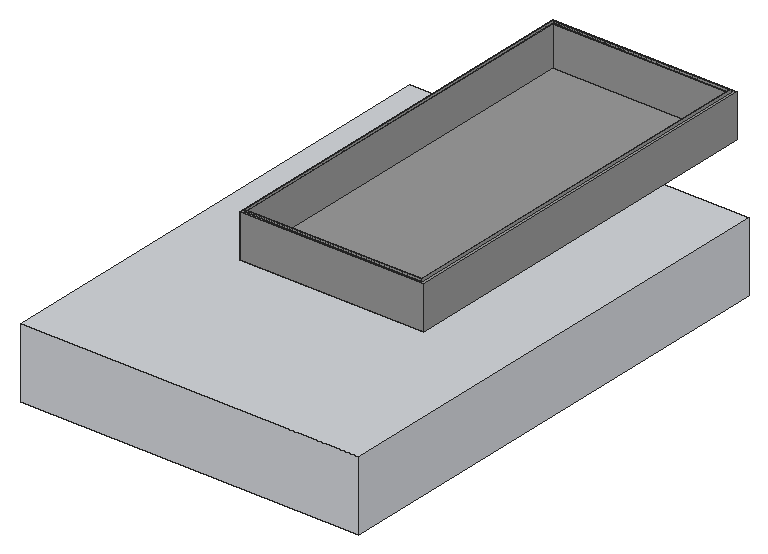
Revit family "Hager-Univers-IP30-D205-H1700-Cl.II-Encl-CH-de", category Equipement électrique, Revit 2020
Family settings
  Hôte = Face
  Configuration du panneau = Deux colonnes, circuits au sein
  Cote de connecteur circulaire = Utiliser le diamètre
  Type d'élément = Tableau de raccordement
  Couper avec des vides une fois chargée = Non
  Partagée = Non
  Point de calcul de pièce = Non
Parameters (values of type "Aufputz IP30 B800 H1700 T205  - FP13S1N")
  Width Control [instance] = if([EF000008 - Breite] > Min Width, [EF000008 - Breite], Min Width)  # 800 mm
  Commentaires du type = [HG000003 - Bereich]  # "Univers"
  Thickness Door [instance] = if([EF009171 - Materialstärke Tür/Deckel] > 3 mm, 3 mm, [EF009171 - Materialstärke Tür/Deckel])  # 1 mm
  Seal Frame Offset [instance] = 17 mm  # constant formula
  Plinth Visibility [instance] = [HG000027 - Sockelhöhe] > 0 mm  # no
  Model = ""
  Min Width [instance] = 100 mm  # constant formula
  Min Height [instance] = 100 mm  # constant formula
  Min Depth [instance] = (2 * [EF009170 - Materialstärke Gehäuse]) + 1 mm  # 3 mm
  Internal Frame Depth [instance] = (Door System Depth * 0.5)  # 9 mm
  Height Control [instance] = if([EF000040 - Höhe] > Min Height, [EF000040 - Höhe], Min Height)  # 1700 mm
  HG000027 - Sockelhöhe = 0 mm
  HG000026 - Stehend auf dem Boden = no
  HG000024 - Höhe des unteren Teils = 800 mm
  HG000023 - Gehäuse mit doppeltem Querschnitt = no
  HG000016 - 3D-Türsichtbarkeit [instance] = yes
  HG000015 - Sichtbarkeit der Türöffnung [instance] = no
  HG000014 - Tür rechts [instance] = yes
  HG000013 - Tür links [instance] = not([HG000014 - Tür rechts])  # no
  HG000012 - Türschwenkwinkel [instance] = 30.00°
  HG000010 - Asymmetrische Türen = no
  HG000009 - Doppelflügeligen Tür = no
  HG000006 - Unterputz = no
  HG000004 - Herstellerreferenz = "FP13S1N"
  HG000003 - Bereich = "Univers"
  HG000002 - Mit tür = no
  Frame Offset Bottom [instance] = 10 mm  # constant formula
  Frame Offset [instance] = 15 mm  # constant formula
  EF015940 - Deckel mit Überdruckentlastung = no
  EF011959 - Schutzart (NEMA) = ""
  EF009554 - Anzahl der Öffnungen für Flanschplatten = 6
  Fabricant = "Hager"  # constant formula
  EF009212 - Ausführung Deckel = "EV009916 - mit Ausschnitt"
  EF009171 - Materialstärke Tür/Deckel = 1 mm
  EF009170 - Materialstärke Gehäuse = 1 mm
  EF008873 - Nennstrom (In) = 400 A
  EF007800 - Geeignet für Blitzschutz = no
  EF006306 - Mit Schloss = no
  EF006244 - Transparenter Deckel/Tür = no
  EF005474 - Schutzart (IP) = "EV006410 - IP30"
  EF004464 - Art der Tür = "EV000494 - ohne"
  EF004427 - Anzahl der Module = 396
  EF004293 - Schlagfestigkeit = "EV006813 - IK07"
  EF003532 - Geeignet für Außengebrauch = no
  EF002950 - Breite in Teilungseinheiten = 36
  EF001613 - Funktionserhalt = "EV000494 - ohne"
  EF001596 - Werkstoff des Gehäuses = "EV000179 - Stahl"
  EF001131 - Innentiefe = 130 mm
  EF001088 - Anbaumöglichkeit = yes
  EF000437 - Anzahl der Leitungseinführungen = 6
  EF000339 - Art der Abdeckung = "EV000494 - ohne"
  EF000266 - Anzahl der Reihen = 11
  EF000218 - Einbautiefe = 205 mm
  EF000118 - Mit Montageplatte = no
  EF000116 - RAL-Nummer = "9010"
  EF000049 - Tiefe = 205 mm
  EF000040 - Höhe = 1700 mm
  EF000008 - Breite = 800 mm
  EF000007 - Farbe = "EV000202 - weiß"
  EF000003 - Montageart = "EV000384 - Aufputz"
  Door System Leaf Tolerance [instance] = 1.5 mm  # constant formula
  Door System Depth [instance] = 18 mm  # constant formula
  Door Height [instance] = Height Control - [HG000027 - Sockelhöhe]  # 1700 mm
  Depth Control [instance] = if([EF000049 - Tiefe] > Min Depth, [EF000049 - Tiefe], Min Depth)  # 205 mm
  Default Elevation = 0 mm
  Connector Offset [instance] = Height Control / 2  # 850 mm
  Bottom Top Plate Trim [instance] = 1.5 mm  # constant formula
  Plinth height Ctrl [instance] = if([HG000027 - Sockelhöhe] > 0 mm, [HG000027 - Sockelhöhe], 12 mm)  # 12 mm
Types (5, lengths in mm): name | Width Control | HG000004 - Herstellerreferenz | EF009554 - Anzahl der Öffnungen für Flanschplatten | EF008873 - Nennstrom (In) | EF004427 - Anzahl der Module | EF002950 - Breite in Teilungseinheiten | EF000437 - Anzahl der Leitungseinführungen | EF000008 - Breite
  Aufputz IP30 B1050 H1700 T205  - FP14S1N | 1050 | "FP14S1N" | 8 | 400 A | 528 | 48 | 8 | 1050
  Aufputz IP30 B1300 H1700 T205  - FP15S1N | 1300 | "FP15S1N" | 10 | 400 A | 660 | 60 | 10 | 1300
  Aufputz IP30 B300 H1700 T205  - FP11S1N | 300 | "FP11S1N" | 2 | 250 A | 132 | 12 | 2 | 300
  Aufputz IP30 B550 H1700 T205  - FP12S1N | 550 | "FP12S1N" | 4 | 250 A | 264 | 24 | 4 | 550
  Aufputz IP30 B800 H1700 T205  - FP13S1N | 800 | "FP13S1N" | 6 | 400 A | 396 | 36 | 6 | 800
Reference planes
  plane 1 "Center (Front/Back)": y = 0
  plane 2: z = 0
  plane 3 "Center (Left/Right)": x = 0
  plane 4: z = 205
  plane 5: y = 1
  plane 6: y = 850
  plane 7: y = 0
  plane 8: y = 1700
  plane 9: z = 0
  plane 10: x = -385
  plane 11: x = 385
  plane 12: x = 384
  plane 13: x = -384
  plane 14: y = 1699
  plane 15: x = -383
  plane 16: x = -400
  plane 17: x = 383
  plane 18: x = 400
  plane 19: x = 399
  plane 20: x = -399
  plane 21: y = 11
  plane 22: y = 1700
  plane 23: y = 1684
  plane 24: z = 187
  plane 25: z = 1
  plane 26: z = 186
  plane 27: z = 204
Forms (mm)
  Extrusion 1, solid
    sketch origin (0, 0, 0) x (1, 0, 0) y (0, 1, 0)
      loop
        line (-702.964, 1305) -> (-702.964, -811.445) -> (766.763, -811.445) -> (766.763, 1305) -> (-702.964, 1305)
    from 0 to -304.8
  Extrusion 2, solid, material "Hager_Steel_RAL7035_Light_Grey", visible <- "Plinth Visibility", detail levels medium+fine
    sketch origin (0, 0, 0) x (1, 0, 0) y (0, 1, 0)
      loop
        line (-400, 0) -> (400, 0) -> (400, 12) -> (-400, 12) -> (-400, 0)
    from 0 to 187
  Extrusion 3, solid, material "Hager_Steel_RAL7035_Light_Grey", detail levels medium+fine
    sketch origin (0, 0, 0) x (1, 0, 0) y (0, 1, 0)
      loop
        line (-400, 0) -> (400, 0) -> (400, 1700) -> (-400, 1700) -> (-400, 0)
    from 0 to 187
  Extrusion 4, void
    sketch origin (0, 0, 0) x (1, 0, 0) y (0, 1, 0)
      loop
        line (-399, 1) -> (399, 1) -> (399, 1699) -> (-399, 1699) -> (-399, 1)
    from 1 to 186
  Extrusion 5, void
    sketch origin (-381.607, -4572, 187) x (0, -1, 0) y (-1, 0, 0)
      loop
        line (-4583, 2.393) -> (-6256, 2.393) -> (-6256, -765.607) -> (-4583, -765.607) -> (-4583, 2.393)
    from 0 to 1 <- "EF009170 - Materialstärke Gehäuse"
  Extrusion 6, solid, material "Hager_Steel_RAL7035_Light_Grey", detail levels fine
    sketch origin (0, 0, 187) x (1, 0, 0) y (0, 1, 0)
      loop
        line (-384, 1684) -> (-384, 11) -> (384, 11) -> (384, 1684) -> (-384, 1684)
      loop
        line (-385, 10) -> (385, 10) -> (385, 1685) -> (-385, 1685) -> (-385, 10)
    from 0 to 9 <- "Internal Frame Depth"
  Extrusion 7, solid, material "Hager_Steel_RAL7035_Light_Grey", detail levels coarse
    sketch origin (0, 0, 0) x (1, 0, 0) y (0, 1, 0)
      loop
        line (-400, 0) -> (400, 0) -> (400, 1700) -> (-400, 1700) -> (-400, 0)
    from 0 to 205
  Sweep 8, void
    path in 3D
      loop
        line (-400, 12, 0) -> (400, 12, 0) -> (400, 12, 187) -> (-400, 12, 187) -> (-400, 12, 0)
    profile origin (-400, 12, 93.5) x (-1, 0, 0) y (0, -1, 0)
      loop
        line (0, 0) -> (0, 1.5) -> (-1.5, 1.5)
        arc (-1.5, 1.5) -> (-1.061, 0.439) -> (0, 0) r 1.5
Cuts and joins
  Extrusion 4, Extrusion 5 cuts Extrusion 3
  Sweep 8 cuts Extrusion 2
Lines and regions (mm)
  Masking region 1
    outline origin (0, 0, 0) x (1, 0, 0) y (0, 0, 1)
      loop
        line (-400, 205) -> (-400, 0) -> (400, 0) -> (400, 205) -> (-400, 205)
  Masking region 2, detail levels medium+fine
    outline origin (0, 140, 0) x (0, 1, 0) y (0, 0, 1)
      loop
        line (-140, 0) -> (1560, 0) -> (1560, 187) -> (-140, 187) -> (-140, 0)
  Masking region 3, not visible, detail levels medium+fine
    outline origin (0, 297.922, 0) x (0, 1, 0) y (0, 0, 1)
      loop
        line (563.578, 0) -> (603.578, 0) -> (603.578, 194)
        arc (603.578, 194) -> (600.649, 201.071) -> (593.578, 204) r 10
        line (593.578, 204) -> (563.578, 204) -> (563.578, 0)
  Masking region 4, detail levels coarse
    outline origin (0, 0, 180) x (0, 1, 0) y (0, 0, 1)
      loop
        line (0, -180) -> (1700, -180) -> (1700, 25) -> (0, 25) -> (0, -180)
  Masking region 5, visible <- "Plinth Visibility", detail levels medium+fine
    outline origin (0, 52.24, 12.345) x (0, 0, -1) y (0, 1, 0)
      loop
        line (10.845, -40.24) -> (-173.155, -40.24)
        arc (-173.155, -40.24) -> (-173.594, -41.301) -> (-174.655, -41.74) r 1.5
        line (-174.655, -41.74) -> (-174.655, -52.24) -> (12.345, -52.24) -> (12.345, -41.74)
        arc (12.345, -41.74) -> (11.285, -41.301) -> (10.845, -40.24) r 1.5
  Masking region 6, detail levels medium+fine
    outline origin (-381.607, -4572, 187) x (-1, 0, 0) y (0, -1, 0)
      loop
        line (18.393, -6272) -> (18.393, -4572) -> (-781.607, -4572) -> (-781.607, -6272) -> (18.393, -6272)
  Masking region 7, visible <- "Plinth Visibility", detail levels medium+fine
    outline origin (-381.607, -4727, 187) x (-1, 0, 0) y (0, -1, 0)
      loop
        arc (16.893, -4739) -> (17.332, -4737.939) -> (18.393, -4737.5) r 1.5
        line (18.393, -4737.5) -> (18.393, -4727) -> (-781.607, -4727) -> (-781.607, -4737.5)
        arc (-781.607, -4737.5) -> (-780.546, -4737.939) -> (-780.107, -4739) r 1.5
        line (-780.107, -4739) -> (16.893, -4739)
  Masking region 8, detail levels coarse
    outline origin (-442.548, -4669.526, 187) x (-1, 0, 0) y (0, -1, 0)
      loop
        line (-42.548, -6369.526) -> (-42.548, -4669.526) -> (-842.548, -4669.526) -> (-842.548, -6369.526) -> (-42.548, -6369.526)
  sketch lines
    curve 1: line (-400, 12, 187) -> (-400, 12, 0)
    curve 2: line (400, 12, 187) -> (-400, 12, 187)
    curve 3: line (400, 12, 187) -> (400, 12, 0)
    curve 4: line (-400, 12, 0) -> (400, 12, 0)
Dimensions and locks
  "Depth Control": plane 4 to Extrusion 1
  "HG000027 - Sockelhöhe": plane 1 "Center (Front/Back)" to plane 7
  "EF009170 - Materialstärke Gehäuse": plane 5 to plane 7
  locked: connector elem to plane 3 "Center (Left/Right)"
  equal spacing: plane 8, plane 6, plane 7
  locked: connector elem to plane 6
  "EF009170 - Materialstärke Gehäuse": plane 8 to plane 14
  "EF009170 - Materialstärke Gehäuse": plane 10 to plane 13
  "EF009170 - Materialstärke Gehäuse": plane 12 to plane 11
  "Frame Offset": plane 20 to plane 13
  "Frame Offset": plane 12 to plane 19
  "EF009170 - Materialstärke Gehäuse": plane 16 to plane 20
  "EF009170 - Materialstärke Gehäuse": plane 19 to plane 18
  "Seal Frame Offset": plane 16 to plane 15
  "Seal Frame Offset": plane 17 to plane 18
  "Frame Offset Bottom": plane 21 to plane 5
  "Frame Offset": plane 14 to plane 23
  equal spacing: plane 16, plane 3 "Center (Left/Right)", plane 18
  "Width Control": plane 16 to plane 18
  "EF009170 - Materialstärke Gehäuse": plane 4 to plane 27
  "EF009170 - Materialstärke Gehäuse": plane 24 to plane 26
  "EF009170 - Materialstärke Gehäuse": plane 25 to level
  "Door System Depth": plane 4 to plane 24
  "Height Control": plane 1 "Center (Front/Back)" to Extrusion 7 sketch curve
  "Height Control": Masking region 4 sketch curve to plane 1 "Center (Front/Back)"
  "Height Control": plane 1 "Center (Front/Back)" to plane 22
  "Bottom Top Plate Trim": profile plane to Sweep 8 sketch curve
  "Bottom Top Plate Trim": Sweep 8 sketch curve to profile plane
  "Plinth height Ctrl": plane 1 "Center (Front/Back)" to Extrusion 2 sketch curve
  "Plinth height Ctrl": Masking region 5 sketch curve to plane 1 "Center (Front/Back)"
  "Plinth height Ctrl": plane 1 "Center (Front/Back)" to Masking region 7 sketch curve
  "Thickness Door": Extrusion 6 sketch curve to Extrusion 6 sketch curve  (x3)
  "Thickness Door": cut or joined group of Extrusion 3, Extrusion 4, Extrusion 5 to Extrusion 6 sketch curve
  radius of Masking region 3 sketch curve = 10 mm
  "Bottom Top Plate Trim": radius of Masking region 5 sketch curve  (x2)
  "Bottom Top Plate Trim": radius of Sweep 8 sketch curve
  "Bottom Top Plate Trim": radius of Masking region 7 sketch curve  (x2)
  aligned and locked: plane 2 to Extrusion 1
  aligned and locked: level to Extrusion 1
  aligned and locked: level to Masking region 1 sketch curve
  aligned and locked: Masking region 1 sketch curve to plane 18
  aligned and locked: Masking region 1 sketch curve to plane 16
  aligned and locked: plane 7 to Masking region 2 sketch curve
  aligned and locked: level to Masking region 3 sketch curve
  aligned and locked: Masking region 3 sketch curve to plane 27
  aligned and locked: level to Masking region 2 sketch curve
  aligned and locked: plane 1 "Center (Front/Back)" to Extrusion 2 sketch curve
  aligned and locked: Extrusion 3 sketch curve to plane 7
  aligned and locked: plane 16 to Extrusion 3 sketch curve
  aligned and locked: plane 18 to Extrusion 3 sketch curve
  aligned and locked: plane 20 to Extrusion 4 sketch curve
  aligned and locked: plane 19 to Extrusion 4 sketch curve
  aligned and locked: Extrusion 4 sketch curve to plane 5
  aligned and locked: Extrusion 4 to plane 25
  aligned and locked: plane 26 to Extrusion 4
  aligned and locked: plane 24 to Extrusion 3
  aligned and locked: Extrusion 5 sketch curve to plane 21
  aligned and locked: Extrusion 5 sketch curve to plane 13
  aligned and locked: Extrusion 5 sketch curve to plane 12
  aligned and locked: plane 18 to Extrusion 7 sketch curve
  aligned and locked: plane 1 "Center (Front/Back)" to Extrusion 7 sketch curve
  aligned and locked: plane 16 to Extrusion 7 sketch curve
  aligned and locked: plane 4 to Extrusion 7
  aligned and locked: Extrusion 7 to level
  aligned and locked: level to Masking region 4 sketch curve
  aligned and locked: Masking region 4 sketch curve to plane 1 "Center (Front/Back)"
  aligned and locked: Masking region 4 sketch curve to plane 4
  aligned and locked: nested 1 to level
  aligned and locked: nested 1 to plane 16
  aligned and locked: plane 8 to Extrusion 3 sketch curve
  aligned and locked: plane 23 to Extrusion 5 sketch curve
  aligned and locked: plane 14 to Extrusion 4 sketch curve
  aligned and locked: Masking region 2 sketch curve to plane 8
  aligned and locked: level to Masking region 5 sketch curve
  aligned and locked: plane 16 to Extrusion 2 sketch curve
  aligned and locked: plane 18 to Extrusion 2 sketch curve
  aligned and locked: Masking region 5 sketch curve to plane 24
  aligned and locked: Masking region 2 sketch curve to plane 24
  aligned and locked: plane 24 to Extrusion 2
  aligned and locked: profile plane to Sweep 8 sketch curve  (x2)
  aligned and locked: Masking region 6 sketch curve to plane 18
  aligned and locked: Masking region 6 sketch curve to plane 22
  aligned and locked: Masking region 6 sketch curve to plane 16
  aligned and locked: plane 8 to plane 22
  aligned and locked: Masking region 6 sketch curve to plane 7
  aligned and locked: Masking region 7 sketch curve to plane 16
  aligned and locked: Masking region 7 sketch curve to plane 1 "Center (Front/Back)"
  aligned and locked: Masking region 7 sketch curve to plane 18
  aligned and locked: Masking region 8 sketch curve to plane 1 "Center (Front/Back)"
  aligned and locked: Masking region 8 sketch curve to plane 18
  aligned and locked: Masking region 8 sketch curve to plane 22
  aligned and locked: Masking region 8 sketch curve to plane 16
  aligned and locked: nested 2 to plane 7
  aligned and locked: plane 3 "Center (Left/Right)" to nested 2
  aligned and locked: nested 2 to plane 24
  aligned and locked: Extrusion 6 sketch curve to cut or joined group of Extrusion 3, Extrusion 4, Extrusion 5  (x4)
Automatic sketch dimensions
  Extrusion 1 sketch curve to Extrusion 1 sketch curve = 1469.727 mm
  Extrusion 1 sketch curve to Extrusion 1 sketch curve = 2116.445 mm
  Masking region 1 sketch curve to plane 4 = 0 mm
  plane 6 to Masking region 3 sketch curve = 11.5 mm
  Masking region 3 sketch curve to Masking region 3 sketch curve = 30 mm
  Masking region 5 sketch curve to plane 1 "Center (Front/Back)" = 0 mm
Nested families
  nested 1: "Hager_Enclosure_Symbol" at (-400, 0, 0) x (1, 0, 0) z (0, -1, 0), Height <- "Depth Control", Width <- "Width Control", type "Hager_Enclosure_Symbol"
    with Width_Ctrl 800 mm, Width 800 mm, Height_Ctrl 205 mm, Height 205 mm, A_Width_Int 13.453 mm, A_Width 161.438 mm, A_Height_Ctrl 179.375 mm, A_Height 179.375 mm
  nested 2: "EC000058_Univers_Door" at (0, 0, 187) x (1, 0, 0) z (0, 1, 0), Leaf_Tolerance <- "Door System Leaf Tolerance", Angle <- "HG000012 - Türschwenkwinkel", Door_Depth <- "Door System Depth", Door_Left <- "HG000013 - Tür links", Transparent <- "EF006244 - Transparenter Deckel/Tür", Assymetrical <- "HG000010 - Asymmetrische Türen", Width <- "Width Control", Clearance <- "HG000015 - Sichtbarkeit der Türöffnung", Double <- "HG000009 - Doppelflügeligen Tür", 3d_Door <- "HG000016 - 3D-Türsichtbarkeit", Lock_Visibility <- "EF006306 - Mit Schloss", Width_Ctrl <- "Width Control", Door_Right <- "HG000014 - Tür rechts", Door <- "HG000002 - Mit tür", Height <- "Door Height", Thickness <- "Thickness Door", type "EC000058_Univers_Door", detail levels medium+fine
    with min_wh 3 mm, Width_Ctrl 800 mm, Width 800 mm, Transparent no, Thickness 1 mm, Seal_Material Hager_Rubber, Lock_Visibility no, Lock_Material Hager_Plastic_RAL9005_Jet_Black, Leaf_Width 800 mm, Leaf_Tolerance_External_Sides 0 mm, Leaf_Tolerance 1.5 mm, Leaf_Offset 0 mm, Leaf_Height 1697 mm, Leaf_2_Width 800 mm, Leaf_2_Offset 400 mm, Leaf_1_Width 800 mm, Leaf_1_Offset 400 mm, Height_Ctrl 1700 mm, Height 1700 mm, Glass_Material Hager_Glass, Double_Clearance_Ctrl no, Double no, Door_Right_Ctrl no, Door_Right yes, Door_Material Hager_Steel_RAL7035_Light_Grey, Door_Left_Ctrl no, Door_Left no, Door_Depth 18 mm, Door no, Clearance_Material Hager_Clearance, Clearance_Depth 800 mm, Clearance_Ctrl no, Clearance no, Assymetrical no, Angle 30.00°, 3d_Door yes
Connectors
  electrical at (0, 850, 0)
    settings: on plane 9, index 1, voltage 0 V, apparent load 0 VA, apparent load phase1 0 VA, apparent load phase2 0 VA, apparent load phase3 0 VA, power factor 1, load classification "Other", number of poles 1, system type 30, power factor state 1, is connector primary yes, connector utility no, sub classification motor no, connector description ""
Definition of nested family "Hager_Enclosure_Symbol"
  Parameters (values of type "Hager_Enclosure_Symbol")
    Width_Ctrl [instance] = if(Width > 1 mm, Width, 1 mm)  # 102.27 mm
    Width [instance] = 102.27 mm
    Height_Ctrl [instance] = if(Height > 1 mm, Height, 1 mm)  # 66.5 mm
    A_Width_Int [instance] = if(A_Width / 12 > 2 mm, A_Width / 12, 2 mm)  # 4.364 mm
    A_Width [instance] = if(A_Height_Ctrl * 0.9 > 2 mm, A_Height_Ctrl * 0.9, 2 mm)  # 52.369 mm
    A_Height_Ctrl [instance] = if(A_Height > 2 mm, A_Height, 2 mm)  # 58.188 mm
    Height [instance] = 66.5 mm
    A_Height [instance] = Height - (Height / 8)  # 58.188 mm
  Reference planes
    plane 1 "Centre (avant/arrière)": y = 0
    plane 2: z = 0
    plane 3 "Centre (gauche/droite)": x = 0
    plane 4: x = 52.369
    plane 5: y = 33.042
    plane 6: y = 41.77
    plane 7: y = 66.5
    plane 8: x = 26.184
    plane 9: y = 37.406
    plane 10: x = 102.27
    plane 11: y = 66.5
    plane 12: y = 8.313
  Lines and regions (mm)
    Filled region 1, type "Solid_Black", in view "Niveau de réf."
      outline origin (0, 0, 0) x (1, 0, 0) y (0, 1, 0)
        loop
          line (52.369, 66.5) -> (33.188, 54.536) -> (45.365, 45.006) -> (52.369, 66.5)
    Filled region 2, type "Solid_Black", in view "Niveau de réf."
      outline origin (0, 0, 0) x (1, 0, 0) y (0, 1, 0)
        loop
          line (0, 0) -> (102.27, 0) -> (102.27, 66.5) -> (0, 0)
    detail lines, in view "Niveau de réf."
      curve 1: line (0, 8.313, 0) -> (26.184, 41.77, 0)
      curve 2: line (26.184, 41.77, 0) -> (26.184, 33.042, 0)
      curve 3: line (26.184, 33.042, 0) -> (52.369, 66.5, 0)
  Dimensions and locks
    "A_Width": plane 3 "Centre (gauche/droite)" to plane 4
    equal spacing: plane 3 "Centre (gauche/droite)", plane 8, plane 4
    equal spacing: plane 6, plane 9, plane 5
    equal spacing: curve 3, Filled region 1 sketch curve, Filled region 1 sketch curve
    "Height_Ctrl": plane 1 "Centre (avant/arrière)" to plane 11
    "A_Height_Ctrl": plane 11 to plane 12
    equal spacing: plane 11, plane 9, plane 12
    "A_Width_Int": plane 6 to plane 9
    "Width_Ctrl": plane 3 "Centre (gauche/droite)" to plane 10
    angle Filled region 1 sketch curve to curve 3 = 20.00°
    angle curve 3 to Filled region 1 sketch curve = 20.00°
    locked: curve 3 to Filled region 1 sketch curve (angle 90.00°)
    aligned and locked: plane 10 to Filled region 2
    aligned and locked: plane 11 to Filled region 2 sketch curve
    aligned and locked: plane 10 to Filled region 2 sketch curve
    aligned and locked: plane 3 "Centre (gauche/droite)" to curve 1
    aligned and locked: plane 12 to curve 1
    aligned and locked: plane 7 to plane 11
  Automatic sketch dimensions
    Filled region 1 sketch curve to plane 4 = 0 mm
    Filled region 1 sketch curve to plane 7 = 0 mm
    plane 1 "Centre (avant/arrière)" to Filled region 2 sketch curve = 0 mm
    Filled region 2 sketch curve to plane 3 "Centre (gauche/droite)" = 0 mm
    curve 2 to plane 6 = 0 mm
    curve 2 to plane 8 = 0 mm
    curve 3 to plane 4 = 0 mm
    curve 2 to plane 5 = 0 mm
    curve 3 to plane 7 = 0 mm
Definition of nested family "EC000058_Univers_Door"
  Parameters (values of type "EC000058_Univers_Door")
    min_wh [instance] = (2 * Thickness) + 1 mm  # 11 mm
    Width_Ctrl [instance] = 400 mm
    Width [instance] = 500 mm
    Transparent [instance] = yes
    Thickness [instance] = 5 mm
    Seal_Material [instance] = none
    Lock_Visibility [instance] = yes
    Lock_Material [instance] = none
    Leaf_Width [instance] = if((Width_Ctrl - 2 * Leaf_Tolerance_External_Sides) > 0 mm, (Width_Ctrl - 2 * Leaf_Tolerance_External_Sides), min_wh)  # 400 mm
    Leaf_Tolerance_External_Sides [instance] = 0 mm  # constant formula
    Leaf_Tolerance [instance] = 1.5 mm
    Leaf_Offset [instance] = 0 mm  # constant formula
    Leaf_Height [instance] = if((Height_Ctrl - 2 * Leaf_Tolerance) > 0 mm, (Height_Ctrl - 2 * Leaf_Tolerance), min_wh)  # 497 mm
    Leaf_2_Width [instance] = if(and(and(Double, Assymetrical), Door_Left), (Leaf_Width / 3) - (Leaf_Tolerance / 2), if(and(and(Double, Assymetrical), Door_Right), (Leaf_Width / 3) * 2 - (Leaf_Tolerance / 2), if(and(Double, not(Assymetrical)), (Leaf_Width / 2) - Leaf_Tolerance, Leaf_Width)))  # 400 mm
    Leaf_2_Offset [instance] = if(and(Double, Assymetrical), Leaf_2_Width / 2, if(and(Double, not(Assymetrical)), Leaf_Width / 4, Leaf_Width / 2))  # 200 mm
    Leaf_1_Width [instance] = if(and(and(Double, Assymetrical), Door_Right), (Leaf_Width / 3) - (Leaf_Tolerance / 2), if(and(and(Double, Assymetrical), Door_Left), (Width / 3) * 2 - (Leaf_Tolerance / 2), if(and(Double, not(Assymetrical)), (Leaf_Width / 2) - Leaf_Tolerance, Leaf_Width)))  # 400 mm
    Leaf_1_Offset [instance] = if(and(Double, Assymetrical), Leaf_1_Width / 2, if(and(Double, not(Assymetrical)), Leaf_Width / 4, Leaf_Width / 2))  # 200 mm
    Height_Ctrl [instance] = if(Height > min_wh, Height, min_wh)  # 500 mm
    Height [instance] = 500 mm
    Glass_Material [instance] = none
    Double_Clearance_Ctrl [instance] = and(Double, Clearance)  # no
    Double [instance] = no
    Door_Right_Ctrl [instance] = and(or(Door_Right, Double), Door)  # yes
    Door_Right [instance] = yes
    Door_Material [instance] = none
    Door_Left_Ctrl [instance] = and(or(Door_Left, Double), Door)  # no
    Door_Left [instance] = no
    Door_Depth [instance] = 30 mm
    Door [instance] = yes
    Default Elevation = 1219.2 mm
    Clearance_Material [instance] = none
    Clearance_Depth [instance] = if(Leaf_1_Width > Leaf_2_Width, Leaf_1_Width, Leaf_2_Width)  # 400 mm
    Clearance_Ctrl [instance] = and(not(Double), Clearance)  # yes
    Clearance [instance] = yes
    Assymetrical [instance] = yes
    Angle [instance] = 30.00°
    3d_Door [instance] = yes
  Reference planes
    plane 1 "Center (Front/Back)": y = 0
    plane 2 "Bottom": z = 0
    plane 3 "Center (Left/Right)": x = 0
    plane 4: z = 500
    plane 5: x = -200
    plane 6: x = 200
    plane 7: z = 500
    plane 8: x = -200
    plane 9: z = 0
    plane 10: x = 200
    plane 11: y = 0
    plane 12: z = 1.5
    plane 13: x = -600
    plane 14: y = -400
    plane 15: x = 600
    plane 16: x = 0
    plane 17: x = 0
    plane 18: x = -200
    plane 19: x = 200
    plane 20: z = 498.5
  Forms (mm)
    Extrusion 1, solid, material <- "Clearance_Material", visible <- "Double_Clearance_Ctrl"
      sketch origin (1200, 0, 0) x (1, 0, 0) y (0, 0, -1)
        loop
          line (-1800, -498.5) -> (-600, -498.5) -> (-600, 0) -> (-1800, 0) -> (-1800, -498.5)
      from 0 to -400
  Dimensions and locks
    equal spacing: plane 5, plane 3 "Center (Left/Right)", plane 6
    "Width_Ctrl": plane 5 to plane 6
    "Leaf_Offset": plane 5 to plane 8
    "Leaf_Offset": plane 6 to plane 10
    "Leaf_Offset": plane 9 to level
    "Leaf_Offset": plane 4 to plane 7
    "Height_Ctrl": plane 4 to level
    "Leaf_Tolerance": plane 12 to plane 9
    locked: plane 11 to plane 1 "Center (Front/Back)"
    "Leaf_1_Offset": plane 18 to plane 16
    "Leaf_2_Offset": plane 17 to plane 19
    "Leaf_1_Width": plane 13 to plane 8
    "Leaf_2_Width": plane 10 to plane 15
    "Clearance_Depth": plane 14 to plane 1 "Center (Front/Back)"
    "Leaf_Tolerance_External_Sides": plane 8 to plane 18
    "Leaf_Tolerance_External_Sides": plane 19 to plane 10
    "Leaf_Tolerance": plane 7 to plane 20
    aligned and locked: level to plane 2 "Bottom"
    aligned and locked: nested 1 to plane 16
    aligned and locked: nested 2 to plane 17
    aligned and locked: Extrusion 1 to plane 13
    aligned and locked: plane 15 to Extrusion 1
    aligned and locked: Extrusion 1 to plane 14
    aligned and locked: plane 12 to nested 1
    aligned and locked: nested 2 to plane 12
    aligned and locked: Extrusion 1 to plane 11
    aligned and locked: plane 20 to Extrusion 1
    aligned and locked: nested 2 to plane 11
    aligned and locked: nested 1 to plane 11
  Automatic sketch dimensions
    Extrusion 1 sketch curve to level = 0 mm
    plane 5 to Extrusion 1 sketch curve = 400 mm
    plane 6 to Extrusion 1 sketch curve = 400 mm
    Extrusion 1 sketch curve to plane 4 = 1.5 mm
  Nested families
    nested 1: "EC000058_Univers_Door_Leaf" at (0, 0, 1.5), Width <- "Leaf_1_Width", visible <- "Door_Left_Ctrl", Leaf_Height <- "Leaf_Height", Angle <- "Angle", 3d_Door <- "3d_Door", Transparent <- "Transparent", Clearance Material <- "Clearance_Material", Clearance <- "Clearance_Ctrl", Door_Material <- "Door_Material", Glass_Material <- "Glass_Material", Door_Depth <- "Door_Depth", Lock_Material <- "Lock_Material", Seal_Material <- "Seal_Material", Lock_Visibility <- "Lock_Visibility", Thickness <- "Thickness", type "EC000058_Univers_Door_Leaf"
      with Width 400 mm, Transparent_Glass_Offset 30 mm, Transparent_Ctrl yes, Transparent yes, Thickness 5 mm, Standard no, Seal_Material none, Seal_D2 8 mm, Seal_D1 1 mm, Offset_Internal_Frame 10 mm, Lock_Width 20 mm, Lock_Visibility_3d yes, Lock_Visibility yes, Lock_Thickness_3 3 mm, Lock_Thickness_2 1 mm, Lock_Thickness_1 3 mm, Lock_Radius_Offset_2 16 mm, Lock_Radius_Offset_1 15 mm, Lock_Radius_2 5 mm, Lock_Radius 6 mm, Lock_Offset 5 mm, Lock_Material none, Lock_Height 80 mm, Lock_Cover_Top_Offset_2d 17 mm, Lock_Cover_Height -65 mm, Leaf_Height 497 mm, Internal_Seal_Thickness 8 mm, Internal_Seal_Depth_2 4.5 mm, Internal_Frame_Depth 25 mm, Glass_Thickness -1 mm, Glass_Offset -2 mm, Glass_Material none, Door_Material none, Door_Depth 30 mm, Clearance Material none, Clearance yes, Angle_Ctrl 30.00°, Angle 30.00°, 3d_Door yes
    nested 2: "EC000058_Univers_Door_Leaf" at (0, 0, 1.5) x (-1, 0, 0) z (0, 0, 1), Width <- "Leaf_2_Width", visible <- "Door_Right_Ctrl", Leaf_Height <- "Leaf_Height", Angle <- "Angle", 3d_Door <- "3d_Door", Transparent <- "Transparent", Clearance Material <- "Clearance_Material", Clearance <- "Clearance_Ctrl", Door_Material <- "Door_Material", Glass_Material <- "Glass_Material", Door_Depth <- "Door_Depth", Lock_Material <- "Lock_Material", Seal_Material <- "Seal_Material", Lock_Visibility <- "Lock_Visibility", Thickness <- "Thickness", type "EC000058_Univers_Door_Leaf"
      with Width 400 mm, Transparent_Glass_Offset 30 mm, Transparent_Ctrl yes, Transparent yes, Thickness 5 mm, Standard no, Seal_Material none, Seal_D2 8 mm, Seal_D1 1 mm, Offset_Internal_Frame 10 mm, Lock_Width 20 mm, Lock_Visibility_3d yes, Lock_Visibility yes, Lock_Thickness_3 3 mm, Lock_Thickness_2 1 mm, Lock_Thickness_1 3 mm, Lock_Radius_Offset_2 16 mm, Lock_Radius_Offset_1 15 mm, Lock_Radius_2 5 mm, Lock_Radius 6 mm, Lock_Offset 5 mm, Lock_Material none, Lock_Height 80 mm, Lock_Cover_Top_Offset_2d 17 mm, Lock_Cover_Height -65 mm, Leaf_Height 497 mm, Internal_Seal_Thickness 8 mm, Internal_Seal_Depth_2 4.5 mm, Internal_Frame_Depth 25 mm, Glass_Thickness -1 mm, Glass_Offset -2 mm, Glass_Material none, Door_Material none, Door_Depth 30 mm, Clearance Material none, Clearance yes, Angle_Ctrl 30.00°, Angle 30.00°, 3d_Door yes
  Definition of nested family "EC000058_Univers_Door_Leaf"
    Parameters (values of type "EC000058_Univers_Door_Leaf")
      Width [instance] = 2000 mm
      Transparent_Glass_Offset [instance] = 30 mm
      Transparent_Ctrl [instance] = and(Transparent, [3d_Door])  # yes
      Transparent [instance] = yes
      Thickness [instance] = 5 mm
      Standard [instance] = and(not(Transparent), [3d_Door])  # no
      Seal_Material [instance] = none
      Seal_D2 [instance] = 8 mm  # constant formula
      Seal_D1 [instance] = 1 mm  # constant formula
      Offset_Internal_Frame [instance] = 10 mm  # constant formula
      Lock_Width [instance] = 20 mm  # constant formula
      Lock_Visibility_3d [instance] = and(Lock_Visibility, [3d_Door])  # yes
      Lock_Visibility [instance] = yes
      Lock_Thickness_3 [instance] = 3 mm  # constant formula
      Lock_Thickness_2 [instance] = 1 mm  # constant formula
      Lock_Thickness_1 [instance] = 3 mm  # constant formula
      Lock_Radius_Offset_2 [instance] = Lock_Radius_Offset_1 + 1 mm  # 16 mm
      Lock_Radius_Offset_1 [instance] = 15 mm  # constant formula
      Lock_Radius_2 [instance] = Lock_Radius - 1 mm  # 5 mm
      Lock_Radius [instance] = 6 mm  # constant formula
      Lock_Offset [instance] = 5 mm  # constant formula
      Lock_Material [instance] = none
      Lock_Height [instance] = 80 mm  # constant formula
      Lock_Cover_Top_Offset_2d [instance] = Lock_Radius_Offset_2 + 1 mm  # 17 mm
      Lock_Cover_Height [instance] = -(Lock_Height - Lock_Radius_Offset_1)  # -65 mm
      Leaf_Height [instance] = 2720.336 mm
      Internal_Seal_Thickness [instance] = 8 mm  # constant formula
      Internal_Seal_Depth_2 [instance] = 4.5 mm  # constant formula
      Internal_Frame_Depth [instance] = if(Door_Depth - Thickness > 5 mm, Door_Depth - Thickness, 5 mm)  # 25 mm
      Glass_Thickness [instance] = if(Thickness > 15 mm, Glass_Offset + 10 mm, -1 mm)  # -1 mm
      Glass_Offset [instance] = if(Thickness > 15 mm, -(Thickness + 10 mm) / 2, -2 mm)  # -2 mm
      Glass_Material [instance] = none
      Door_Material [instance] = none
      Door_Depth [instance] = 30 mm
      Default Elevation = 0 mm
      Clearance Material [instance] = none
      Clearance [instance] = yes
      Angle_Ctrl [instance] = if(Angle > 180.00°, 180.00°, Angle)  # 90.00°
      Angle [instance] = 90.00°
      3d_Door [instance] = yes
    Reference planes
      plane 1 "Center (Front/Back)": y = 0
      plane 2: z = 0
      plane 3 "Center (Left/Right)": x = 0
      plane 4: y = 2000
      plane 5: x = -1000
      plane 6: x = 1000
      plane 7: x = -3000
      plane 8: z = 2720.336
      plane 9: z = 30
      plane 10: z = 2690.336
      plane 11: x = 970
      plane 12: x = -970
      plane 13: y = -3
      plane 14: z = 107.833
      plane 15: y = -5
      plane 16: y = -223.314
      plane 17: x = -1000
      plane 18: z = 1360.168
      plane 19: y = 30
    Forms (mm)
      Extrusion 1, solid, material <- "Clearance Material", visible <- "Clearance"
        sketch origin (0, 0, 0) x (1, 0, 0) y (0, 0, 1)
          loop
            line (-3000, 2720.336) -> (-3000, 0) -> (1000, 0) -> (1000, 2720.336) -> (-3000, 2720.336)
        from 0 to -2000
      Extrusion 2, solid, material <- "Door_Material", visible <- "Standard", detail levels medium+fine
        sketch origin (-1000, 0, 0) x (0, 1, 0) y (-1, 0, 0)
          loop
            line (0, 30) -> (0, 25) -> (2000, 25) -> (2000, 30) -> (0, 30)
        from 0 to 2720.336 <- "Leaf_Height"
      Extrusion 3, solid, material <- "Door_Material", visible <- "Transparent_Ctrl", detail levels medium+fine
        sketch origin (-1000, 0, 0) x (0, 1, 0) y (-1, 0, 0)
          loop
            line (0, 25) -> (2000, 25) -> (2000, 30) -> (0, 30) -> (0, 25)
        from 0 to 2720.336 <- "Leaf_Height"
      Extrusion 4, void
        sketch origin (-1025, 2000, 0) x (0, 1, 0) y (0, 0, -1)
          loop
            line (-30, -2690.336) -> (-30, -30) -> (-1970, -30) -> (-1970, -2690.336) -> (-30, -2690.336)
        from 0 to 5 <- "Thickness"
      Sweep 5, solid, material <- "Seal_Material", visible <- "Transparent_Ctrl", detail levels fine
        path in 3D
          loop
            line (-1025, 30, 30) -> (-1025, 30, 2690.336) -> (-1025, 1970, 2690.336) -> (-1025, 1970, 30) -> (-1025, 30, 30)
        profile origin (-1025, 1000, 30) x (1, 0, 0) y (0, 0, 1)
          loop
            line (0, 0) -> (0, -8) -> (1, -8) -> (1, 0) -> (0, 0)
      Extrusion 6, solid, material <- "Glass_Material", visible <- "Transparent_Ctrl", detail levels medium+fine
        sketch origin (-1030, 0, 0) x (0, 1, 0) y (0, 0, -1)
          loop
            line (1970, -2690.336) -> (1970, -30) -> (30, -30) -> (30, -2690.336) -> (1970, -2690.336)
        from -2 <- "Glass_Offset" to -1 <- "Glass_Thickness"
      Extrusion 7, solid, material <- "Door_Material", visible <- "3d_Door", detail levels medium+fine
        sketch origin (-1025, 2000, 0) x (0, -1, 0) y (0, 0, -1)
          loop
            line (0, -2720.336) -> (2000, -2720.336) -> (2000, 0) -> (0, 0) -> (0, -2720.336)
          loop
            line (1995, -5) -> (5, -5) -> (5, -2715.336) -> (1995, -2715.336) -> (1995, -5)
        from 0 to 25 <- "Internal_Frame_Depth"
      Sweep 8, solid, material <- "Seal_Material", visible <- "Transparent_Ctrl", detail levels fine
        path in 3D
          loop
            line (-1025, 0, 0) -> (-1025, 2000, 0) -> (-1025, 2000, 2720.336) -> (-1025, 0, 2720.336) -> (-1025, 0, 0)
        profile origin (-1025, 0, 1360.168) x (1, 0, 0) y (0, 1, 0)
          loop
            line (0, 10) -> (2.975, 10)
            arc (2.975, 10) -> (4.053, 10.447) -> (4.5, 11.525) r 1.525
            line (4.5, 11.525) -> (4.5, 16.527)
            arc (4.5, 16.527) -> (4.069, 17.569) -> (3.027, 18) r 1.473
            line (3.027, 18) -> (0, 18) -> (0, 10)
      Extrusion 9, solid, material <- "Lock_Material", visible <- "Lock_Visibility_3d", detail levels fine
        sketch origin (-1030, 0, 0) x (0, 1, 0) y (0, 0, -1)
          loop
            arc (1993.5, -1400.168) -> (1994.561, -1399.729) -> (1995, -1398.668) r 1.5
            line (1995, -1398.668) -> (1995, -1320.168) -> (1975, -1320.168) -> (1975, -1398.668)
            arc (1975, -1398.668) -> (1975.439, -1399.729) -> (1976.5, -1400.168) r 1.5
            line (1976.5, -1400.168) -> (1993.5, -1400.168)
        from 3 <- "Lock_Thickness_1" to 0
      Blend 10, solid, material <- "Lock_Material", visible <- "Lock_Visibility_3d", detail levels fine
        base sketch origin (-1033, 0, 0) x (0, 1, 0) y (0, 0, -1)
          loop
            line (1975, -1320.168) -> (1975, -1398.668)
            arc (1975, -1398.668) -> (1975.439, -1399.729) -> (1976.5, -1400.168) r 1.5
            line (1976.5, -1400.168) -> (1993.5, -1400.168)
            arc (1993.5, -1400.168) -> (1994.561, -1399.729) -> (1995, -1398.668) r 1.5
            line (1995, -1398.668) -> (1995, -1320.168) -> (1975, -1320.168)
        top sketch origin (-1033, 0, 0) x (0, 1, 0) y (0, 0, -1)
          loop
            line (1976, -1320.168) -> (1976, -1398.668)
            arc (1976, -1398.668) -> (1976.146, -1399.022) -> (1976.5, -1399.168) r 0.5
            line (1976.5, -1399.168) -> (1993.5, -1399.168)
            arc (1993.5, -1399.168) -> (1993.854, -1399.022) -> (1994, -1398.668) r 0.5
            line (1994, -1398.668) -> (1994, -1320.168) -> (1976, -1320.168)
        from 0 to 1 <- "Lock_Thickness_2"
      Blend 11, solid, material <- "Lock_Material", visible <- "Lock_Visibility_3d", detail levels fine
        base sketch origin (-1034, 0, 0) x (0, 1, 0) y (0, 0, -1)
          loop
            line (1978, -1320.168) -> (1978, -1384.168)
            arc (1978, -1384.168) -> (1985, -1391.168) -> (1992, -1384.168) r 7
            line (1992, -1384.168) -> (1992, -1320.168) -> (1978, -1320.168)
        top sketch origin (-1034, 0, 0) x (0, 1, 0) y (0, 0, -1)
          loop
            line (1991, -1320.168) -> (1979, -1320.168) -> (1979, -1383.168)
            arc (1979, -1383.168) -> (1985, -1389.168) -> (1991, -1383.168) r 6
            line (1991, -1383.168) -> (1991, -1320.168)
        from 0 to 3 <- "Lock_Thickness_3"
      Extrusion 12, solid, material <- "Lock_Material", visible <- "Lock_Visibility_3d", detail levels fine
        sketch origin (-1030, 1975, 1320.168) x (1, 0, 0) y (0, -1, 0)
          loop
            line (-7, -19) -> (-7, -1) -> (0, -1) -> (0, 0) -> (-8, 0) -> (-8, -20) -> (0, -20) -> (0, -19) -> (-7, -19)
        from 0 to -65 <- "Lock_Cover_Height"
      Extrusion 13, void
        sketch origin (-1038, 1995, 1320.168) x (-1, 0, 0) y (0, 0, -1)
          loop
            line (-5, -65) -> (0, -65) -> (-5, -60) -> (-5, -65)
        from 0 to 20 <- "Lock_Width"
      Extrusion 14, void
        sketch origin (-1038, 1975, 1320.168) x (0, -1, 0) y (0, 0, -1)
          loop
            circle (-10, -15.995) r 6
          loop
            circle (-10, -15.995) r 5
        from 0 to 2
      Extrusion 15, solid, material <- "Lock_Material", visible <- "Lock_Visibility_3d", detail levels medium
        sketch origin (-1030, 0, 0) x (0, 1, 0) y (0, 0, -1)
          loop
            arc (1993.5, -1400.168) -> (1994.561, -1399.729) -> (1995, -1398.668) r 1.5
            line (1995, -1398.668) -> (1995, -1320.168) -> (1975, -1320.168) -> (1975, -1398.668)
            arc (1975, -1398.668) -> (1975.439, -1399.729) -> (1976.5, -1400.168) r 1.5
            line (1976.5, -1400.168) -> (1993.5, -1400.168)
        from 8 to 0
    Cuts and joins
      Extrusion 4 cuts Extrusion 3
      Extrusion 13, Extrusion 14 cuts Extrusion 9
      Extrusion 14 cuts Blend 11
      Extrusion 13, Extrusion 14 cuts Extrusion 12
      joined: Extrusion 9, Blend 10, Blend 11, Extrusion 12
      Extrusion 14 cuts Extrusion 15
    Lines and regions (mm)
      Masking region 1, visible <- "Lock_Visibility", detail levels fine
        outline origin (0, 0, 0) x (0, 1, 0) y (0, 0, 1)
          loop
            line (30, 1320.168) -> (33, 1320.168) -> (33, 1400.168) -> (30, 1400.168) -> (30, 1320.168)
      Masking region 2, visible <- "Lock_Visibility", detail levels fine
        outline origin (0, 3.143, 0) x (0, 1, 0) y (0, 0, 1)
          loop
            line (29.857, 1354.168) -> (30.857, 1354.168) -> (30.857, 1366.168) -> (29.857, 1366.168) -> (29.857, 1354.168)
      Masking region 3, detail levels medium+fine
        outline origin (0, 0, 0) x (0, 1, 0) y (0, 0, 1)
          loop
            line (0, 0) -> (30, 0) -> (30, 2720.336) -> (0, 2720.336) -> (0, 0)
      Masking region 4, detail levels medium+fine
        outline origin (0, 0, 0) x (1, 0, 0) y (0, 0, 1)
          loop
            line (-1000, 2720.336) -> (-1000, 0) -> (1000, 0) -> (1000, 2720.336) -> (-1000, 2720.336)
      Masking region 5, visible <- "Lock_Visibility", detail levels fine
        outline origin (-47.116, 0, 0) x (1, 0, 0) y (0, 0, 1)
          loop
            arc (1024.616, 1399.168) -> (1023.556, 1398.729) -> (1023.116, 1397.668) r 1.5
            line (1023.116, 1397.668) -> (1023.116, 1320.168) -> (1041.116, 1320.168) -> (1041.116, 1397.668)
            arc (1041.116, 1397.668) -> (1040.677, 1398.729) -> (1039.616, 1399.168) r 1.5
            line (1039.616, 1399.168) -> (1024.616, 1399.168)
      Masking region 6, visible <- "Lock_Visibility", detail levels medium+fine
        outline origin (-25, 0, 0) x (1, 0, 0) y (0, 0, 1)
          loop
            arc (1001.5, 1400.168) -> (1000.439, 1399.729) -> (1000, 1398.668) r 1.5
            line (1000, 1398.668) -> (1000, 1320.168) -> (1020, 1320.168) -> (1020, 1398.668)
            arc (1020, 1398.668) -> (1019.561, 1399.729) -> (1018.5, 1400.168) r 1.5
            line (1018.5, 1400.168) -> (1001.5, 1400.168)
      Masking region 7, visible <- "Lock_Visibility", detail levels fine
        outline origin (-73.735, 0, 0) x (1, 0, 0) y (0, 0, 1)
          loop
            line (1051.735, 1382.168) -> (1065.735, 1382.168) -> (1065.735, 1384.168)
            arc (1065.735, 1384.168) -> (1058.735, 1391.168) -> (1051.735, 1384.168) r 7
            line (1051.735, 1384.168) -> (1051.735, 1382.168)
      Masking region 8, visible <- "Lock_Visibility", detail levels fine
        outline origin (-73.735, 0, 0) x (1, 0, 0) y (0, 0, 1)
          loop
            line (1052.735, 1382.168) -> (1064.735, 1382.168) -> (1064.735, 1383.168)
            arc (1064.735, 1383.168) -> (1058.735, 1389.168) -> (1052.735, 1383.168) r 6
            line (1052.735, 1383.168) -> (1052.735, 1382.168)
      Masking region 9, visible <- "Lock_Visibility", detail levels fine
        outline origin (-25, 0, 0) x (1, 0, 0) y (0, 0, 1)
          loop
            line (1020, 1320.168) -> (1020, 1382.168) -> (1000, 1382.168) -> (1000, 1320.168) -> (1020, 1320.168)
      Masking region 10, detail levels medium+fine
        outline origin (0, 0, 0) x (1, 0, 0) y (0, 0, 1)
          loop
            circle (985, 1335.144) r 6
      Masking region 11, detail levels fine
        outline origin (0, 0, 0) x (1, 0, 0) y (0, 0, 1)
          loop
            circle (985, 1335.144) r 5
      Masking region 12, visible <- "Lock_Visibility", detail levels fine
        outline origin (0, 12.767, 0) x (0, 1, 0) y (0, 0, 1)
          loop
            line (20.233, 1320.168) -> (21.233, 1320.168) -> (21.233, 1399.168) -> (20.233, 1400.168) -> (20.233, 1320.168)
      Masking region 13, visible <- "Lock_Visibility", detail levels fine
        outline origin (0, 13.767, -10) x (0, 1, 0) y (0, 0, 1)
          loop
            line (20.233, 1330.168) -> (23.233, 1330.168) -> (23.233, 1399.168) -> (20.233, 1402.168) -> (20.233, 1330.168)
      Masking region 14, visible <- "Lock_Visibility", detail levels fine
        outline origin (0, 12.767, -10) x (0, 1, 0) y (0, 0, 1)
          loop
            line (20.233, 1330.168) -> (25.233, 1330.168) -> (25.233, 1399.305) -> (20.233, 1394.305) -> (20.233, 1330.168)
      Masking region 15, visible <- "Lock_Visibility", detail levels medium
        outline origin (0, 0, 0) x (0, 1, 0) y (0, 0, 1)
          loop
            line (30, 1320.168) -> (38, 1320.168) -> (38, 1400.168) -> (30, 1400.168) -> (30, 1320.168)
      Masking region 16, visible <- "Lock_Visibility", detail levels fine
        outline origin (-1000, 0, 0) x (0, 1, 0) y (-1, 0, 0)
          loop
            line (1975, 30) -> (1995, 30) -> (1995, 38) -> (1975, 38) -> (1975, 30)
          loop
            line (1979, 37) -> (1976, 37) -> (1976, 34) -> (1978, 34) -> (1979, 37)
          loop
            line (1994, 37) -> (1991, 37) -> (1992, 34) -> (1994, 34) -> (1994, 37)
      Masking region 17, visible <- "Lock_Visibility", detail levels medium
        outline origin (-1000, 0, 0) x (0, 1, 0) y (-1, 0, 0)
          loop
            line (1975, 30) -> (1995, 30) -> (1995, 38) -> (1975, 38) -> (1975, 30)
      symbolic lines
        curve 1: line (1000, 0, 0) -> (-3000, 0, 0)
        curve 2: arc (1000, 0, 0) -> (-1000, 2000, 0) -> (-3000, 0, 0) r 2000
        curve 4: line (-1030, 0, 0) -> (-1030, 2000, 0)
      reference lines
        curve 3: line (-1000, 0, 0) -> (-1000, 2000, 0)
      symbolic lines, detail levels medium+fine
        curve 5: line (-1030, 2000, 0) -> (-1025, 2000, 0)
        curve 7: line (-1025, 0, 0) -> (-1030, 0, 0)
        curve 8: line (-1025, 0, 0) -> (-1000, 0, 0)
        curve 9: line (-1000, 0, 0) -> (-1000, 2000, 0)
        curve 10: line (-1000, 2000, 0) -> (-1025, 2000, 0)
      symbolic lines, detail levels fine
        curve 6: line (-1025, 2000, 0) -> (-1025, 0, 0)
      sketch lines
        curve 11: line (-1025, 0, 2720.336) -> (-1025, 0, 0)
        curve 12: line (-1025, 2000, 0) -> (-1025, 0, 0)
        curve 13: line (-1025, 2000, 2720.336) -> (-1025, 2000, 0)
        curve 14: line (-1025, 0, 2720.336) -> (-1025, 2000, 2720.336)
        curve 15: line (-1025, 1970, 30) -> (-1025, 30, 30)
        curve 16: line (-1025, 30, 30) -> (-1025, 30, 2690.336)
        curve 17: line (-1025, 1970, 2690.336) -> (-1025, 1970, 30)
        curve 18: line (-1025, 30, 2690.336) -> (-1025, 1970, 2690.336)
      symbolic lines, visible <- "Transparent", detail levels medium+fine
        curve 19: line (-970, 0, 2690.336) -> (970, 0, 2690.336)
        curve 20: line (-970, 0, 30) -> (-970, 0, 2690.336)
        curve 21: line (970, 0, 30) -> (-970, 0, 30)
        curve 22: line (970, 0, 2690.336) -> (970, 0, 30)
    Dimensions and locks
      "Width": plane 1 "Center (Front/Back)" to plane 4
      equal spacing: plane 5, plane 3 "Center (Left/Right)", plane 6
      "Width": plane 5 to plane 6
      "Width": plane 7 to plane 5
      "Leaf_Height": plane 8 to level
      "Width": curve 5 to curve 3
      "Width": curve 3 to curve 3
      plane 8 to plane 10 = 30 mm
      plane 9 to level = 30 mm
      plane 12 to plane 5 = 30 mm
      plane 6 to plane 11 = 30 mm
      Extrusion 1 to Extrusion 4 sketch curve = 30 mm
      "Transparent_Glass_Offset": curve 3 to Extrusion 4 sketch curve
      "Transparent_Glass_Offset": Extrusion 4 sketch curve to cut or joined group of Extrusion 3, Extrusion 4  (x2)
      cut or joined group of Extrusion 3, Extrusion 4 to Extrusion 6 sketch curve = 30 mm
      "Transparent_Glass_Offset": cut or joined group of Extrusion 3, Extrusion 4 to Extrusion 4 sketch curve
      "Thickness": curve 6 to curve 4
      "Thickness": Extrusion 7 sketch curve to Extrusion 7 sketch curve  (x4)
      "Door_Depth": curve 4 to curve 3
      "Offset_Internal_Frame": profile plane to Sweep 8 sketch curve
      "Internal_Seal_Thickness": Sweep 8 sketch curve to Sweep 8 sketch curve
      "Internal_Seal_Depth_2": profile plane to Sweep 8 sketch curve
      "Seal_D1": profile plane to Sweep 5 sketch curve
      "Seal_D2": profile plane to Sweep 5 sketch curve
      "Thickness": Extrusion 2 sketch curve to Extrusion 2 sketch curve
      equal spacing: Extrusion 9 sketch curve, plane 18, Extrusion 9 sketch curve  (x2)
      equal spacing: Masking region 1 sketch curve, plane 18, Masking region 1 sketch curve
      "Lock_Height": Masking region 1 sketch curve to Masking region 1 sketch curve
      "Lock_Radius": Masking region 2 sketch curve to plane 18 to Masking region 2 sketch curve
      Masking region 2 sketch curve to Masking region 1 = 1 mm
      "Door_Depth": plane 19 to plane 1 "Center (Front/Back)"
      "Lock_Thickness_1": Masking region 1 sketch curve to plane 19
      "Lock_Width": Extrusion 9 sketch curve to Extrusion 9 sketch curve
      "Lock_Height": Extrusion 9 sketch curve to Extrusion 9 sketch curve
      "Lock_Offset": cut or joined group of Extrusion 3, Extrusion 4 to Extrusion 9 sketch curve
      equal spacing: plane 8, plane 18, level
      "Lock_Radius_Offset_1": Blend 11 sketch curve to Blend 10
      locked: Blend 10 to Blend 11 sketch curve at 2  (x2)
      locked: var sketch to Blend 11 sketch curve at 1  (x2)
      "Lock_Radius_Offset_2": Blend 11 sketch curve to Blend 10
      locked: Extrusion 12 sketch curve to Extrusion 12 sketch curve at 1  (x3)
      Masking region 6 sketch curve to Masking region 6 sketch curve = 80 mm
      "Lock_Height": Masking region 6 sketch curve to Masking region 6 sketch curve
      "Lock_Width": Masking region 6 sketch curve to Masking region 6 sketch curve
      locked: Masking region 6 to Masking region 5 sketch curve at 1  (x3)
      locked: Masking region 5 to Masking region 7 sketch curve at 2  (x2)
      "Lock_Radius_Offset_1": Masking region 5 to Masking region 7 sketch curve
      "Lock_Radius_Offset_2": Masking region 5 to Masking region 8 sketch curve
      locked: Masking region 7 to Masking region 8 sketch curve at 1  (x2)
      "Lock_Cover_Top_Offset_2d": Masking region 5 to Masking region 9 sketch curve
      equal spacing: Masking region 9, Masking region 10 sketch curve, Masking region 9
      equal spacing: Masking region 9, Masking region 11 sketch curve, Masking region 9
      Extrusion 15 sketch curve to Extrusion 15 sketch curve = 80 mm
      "Lock_Width": Extrusion 15 sketch curve to Extrusion 15 sketch curve
      "Lock_Height": Extrusion 15 sketch curve to Extrusion 15 sketch curve
      equal spacing: Extrusion 15 sketch curve, plane 18, Extrusion 15 sketch curve
      "Lock_Thickness_3": Masking region 13 sketch curve to Masking region 13 sketch curve
      "Lock_Height": Masking region 12 sketch curve to Masking region 12 sketch curve
      locked: Masking region 13 sketch curve to Masking region 1 at 8
      locked: Masking region 14 sketch curve to Masking region 13 at 1
      locked: Masking region 14 sketch curve to Masking region 1 at 10.863
      "Lock_Height": Masking region 15 sketch curve to Masking region 15 sketch curve
      "Lock_Offset": Extrusion 15 sketch curve to cut or joined group of Extrusion 3, Extrusion 4
      "Lock_Offset": plane 6 to Masking region 6 sketch curve
      radius of Sweep 8 sketch curve = 1.525 mm
      radius of Sweep 8 sketch curve = 1.473 mm
      radius of Extrusion 9 sketch curve = 1.5 mm  (x2)
      "Lock_Radius": radius of Extrusion 14 sketch curve
      "Lock_Radius_2": radius of Extrusion 14 sketch curve
      "Lock_Radius": radius of Masking region 10 sketch curve
      "Lock_Radius_2": radius of Masking region 11 sketch curve
      radius of Extrusion 15 sketch curve = 1.5 mm  (x2)
      "Angle_Ctrl": angle plane 1 "Center (Front/Back)" to curve 3
      locked: Masking region 12 sketch curve to Masking region 12 sketch curve (angle 45.00°)
      locked: Masking region 13 sketch curve to Masking region 13 sketch curve (angle 45.00°)
      locked: Masking region 14 sketch curve to Masking region 14 sketch curve (angle 45.00°)
      aligned and locked: level to plane 2
      aligned and locked: Extrusion 1 to curve 1
      aligned and locked: plane 6 to Extrusion 1
      aligned and locked: Extrusion 1 to plane 1 "Center (Front/Back)"
      aligned and locked: plane 4 to Extrusion 1
      aligned and locked: plane 8 to Extrusion 1
      aligned and locked: curve 7 to Extrusion 2 sketch curve
      aligned and locked: curve 5 to Extrusion 2 sketch curve
      aligned and locked: curve 7 to Extrusion 3 sketch curve
      aligned and locked: Extrusion 3 sketch curve to curve 4
      aligned and locked: Extrusion 3 sketch curve to curve 6
      aligned and locked: Extrusion 3 sketch curve to curve 5
      aligned and locked: curve 9 to curve 3
      aligned and locked: Extrusion 7 sketch curve to cut or joined group of Extrusion 3, Extrusion 4  (x4)
      aligned and locked: plane 17 to curve 3
      aligned and locked: plane 1 "Center (Front/Back)" to curve 3
      aligned and locked: plane 17 to plane 5
      aligned and locked: Sweep 8 sketch curve to profile plane
      aligned and locked: Sweep 5 sketch curve to profile plane  (x2)
      aligned and locked: Masking region 1 to Masking region 2 sketch curve
      aligned and locked: plane 19 to Masking region 1 sketch curve
      aligned and locked: plane 1 "Center (Front/Back)" to Masking region 3 sketch curve
      aligned and locked: plane 19 to Masking region 3 sketch curve
      aligned and locked: level to Masking region 3 sketch curve
      aligned and locked: Masking region 3 sketch curve to plane 8
      aligned and locked: plane 17 to Masking region 4 sketch curve
      aligned and locked: level to Masking region 4 sketch curve
      aligned and locked: Masking region 4 sketch curve to plane 8
      aligned and locked: plane 12 to curve 20
      aligned and locked: plane 10 to curve 19
      aligned and locked: plane 11 to curve 22
      aligned and locked: curve 21 to plane 9
      aligned and locked: Extrusion 2 sketch curve to cut or joined group of Extrusion 3, Extrusion 4
      aligned and locked: Blend 10 sketch curve to Extrusion 9  (x4)
      aligned and locked: Extrusion 9 to Blend 10 sketch curve
      aligned and locked: Blend 10 to Blend 11 sketch curve
      aligned and locked: Extrusion 12 sketch curve to Blend 11
      aligned and locked: Extrusion 12 sketch curve to Extrusion 9  (x4)
      aligned and locked: Masking region 5 sketch curve to Masking region 6
      aligned and locked: Masking region 9 sketch curve to Masking region 6  (x3)
      aligned and locked: Masking region 12 sketch curve to Masking region 1
      aligned and locked: Masking region 13 sketch curve to Masking region 1
      aligned and locked: Masking region 12 to Masking region 14
      aligned and locked: Masking region 14 sketch curve to Masking region 1
      aligned and locked: Masking region 15 sketch curve to Masking region 14
      aligned and locked: Masking region 13 sketch curve to Masking region 12
      aligned and locked: Masking region 16 sketch curve to cut or joined group of Extrusion 14, Extrusion 15  (x4)
      aligned and locked: Masking region 16 sketch curve to cut or joined group of Extrusion 9, Blend 10, Blend 11, Extrusion 12, Extrusion 13, Extrusion 14  (x6)
      aligned and locked: cut or joined group of Extrusion 9, Blend 10, Blend 11, Extrusion 12, Extrusion 13, Extrusion 14 to Masking region 16 sketch curve
      aligned and locked: Masking region 17 sketch curve to cut or joined group of Extrusion 14, Extrusion 15  (x3)
      aligned and locked: Masking region 17 sketch curve to cut or joined group of Extrusion 9, Blend 10, Blend 11, Extrusion 12, Extrusion 13, Extrusion 14
      aligned and locked: Masking region 9 to Masking region 8 sketch curve
      aligned and locked: Masking region 9 to Masking region 7 sketch curve
    Automatic sketch dimensions
      plane 1 "Center (Front/Back)" to curve 2 = 0 mm
      curve 2 to plane 5 = 0 mm
      Extrusion 1 sketch curve to level = 0 mm
      Extrusion 1 sketch curve to plane 7 = 0 mm
      Extrusion 1 sketch curve to plane 6 = 0 mm
      Extrusion 1 sketch curve to plane 8 = 0 mm
      Extrusion 3 to Extrusion 6 sketch curve = 30 mm  (x4)
      Masking region 4 sketch curve to plane 6 = 0 mm
      Blend 10 sketch curve to Extrusion 9 = 1.5 mm
      Blend 10 sketch curve to Extrusion 9 = 1 mm
      Extrusion 13 sketch curve to Extrusion 12 = 0 mm  (x2)
      Extrusion 12 to Extrusion 13 sketch curve = 3 mm
      Extrusion 13 sketch curve to Extrusion 12 = 5 mm
      Extrusion 14 sketch curve to Extrusion 14 sketch curve = 0 mm  (x2)
      Extrusion 14 sketch curve to Extrusion 12 = 10 mm
      Extrusion 14 sketch curve to Extrusion 12 = 15.995 mm
      Masking region 5 sketch curve to Masking region 5 sketch curve = 1.5 mm  (x2)
      Masking region 10 sketch curve to plane 18 = 25.024 mm
      Masking region 11 sketch curve to plane 18 = 25.024 mm
      plane 19 to Masking region 14 sketch curve = 3 mm
      Masking region 16 sketch curve to Masking region 16 sketch curve = 3 mm
      curve 4 to curve 3 = 0 mm
      Blend 10 to Blend 11 sketch curve = 0 mm
      Masking region 6 sketch curve to Masking region 6 sketch curve = 1.5 mm  (x2)
      Masking region 6 sketch curve to plane 18 = 40 mm
      plane 19 to Masking region 12 sketch curve = 3 mm
      Masking region 12 sketch curve to Masking region 12 sketch curve = 1 mm
      Masking region 15 sketch curve to plane 19 = 0 mm
      Masking region 15 sketch curve to plane 18 = 40 mm
      radius of Blend 10 sketch curve to Extrusion 9 = 1 mm
